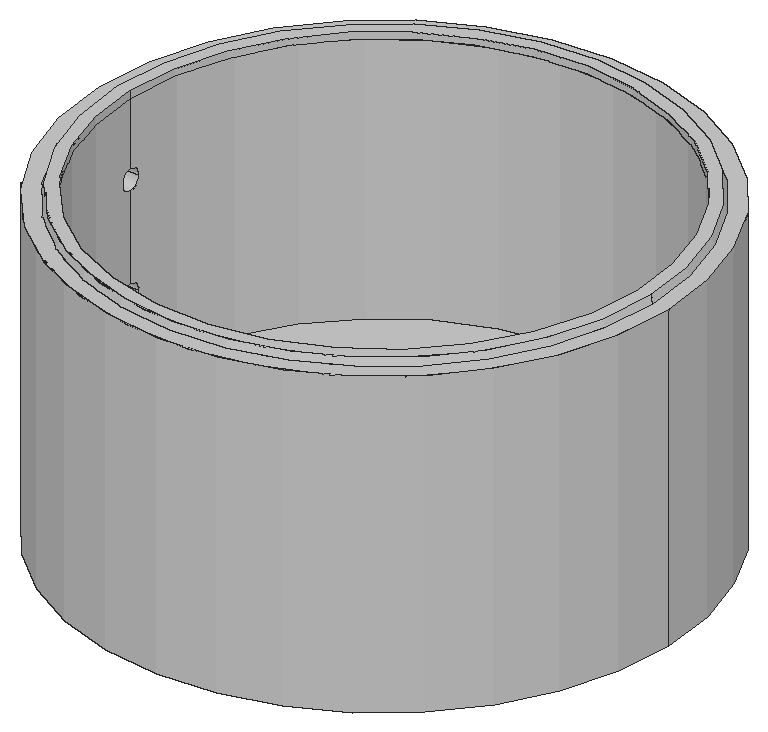
Revit family "KSPF.V 15.9", category Фундамент несущей конструкции, Revit 2025
Family settings
  Материал для поведения модели = Прочее
  Заглушка = Нет
  Номер OmniClass = 23.25.05.00
  Заголовок OmniClass = Foundations
  На основе рабочей плоскости = Нет
  Всегда вертикально = Да
  При загрузке вырезать с полостями = Нет
  Общий = Нет
  Показывать семейство разрезанным на планах = Да
Parameters
  Петля = Петля_П1_П2 : П2
Reference planes
  plane 1 "По центру (Вперед/Назад)": y = -35
  plane 2: z = 0
  plane 3 "По центру (Влево/Вправо)": x = 0
  plane 4: z = 910
  plane 5: z = 890
  plane 6: x = -750
  plane 7: x = -840
  plane 8: x = 750
  plane 9: x = 840
  plane 10: z = 370
  plane 11: x = 830
  plane 12: x = -830
  plane 13: x = -786
  plane 14: through (-793.35, -4572, 890) normal (-0.9386, 0, 0.3449)
  plane 15: x = 786
  plane 16: through (793.35, -4572, 890) normal (-0.9386, 0, -0.3449)
  plane 17: z = 150
  plane 18: x = -650
  plane 19: x = 50
  plane 20: x = -300
  plane 21: z = 675
Forms (mm)
  Extrusion 1, solid, material "Бетон В15"
    sketch origin (0, 0, 0) x (1, 0, 0) y (0, 1, 0)
      loop
        circle (0, -35) r 840
      loop
        circle (0, -35) r 750
    from 0 to 890
  Extrusion 2, void
    sketch origin (0, 0, 0) x (0, 1, 0) y (0, 0, 1)
      loop
        circle (-35, 370) r 30
    from -830 to 830
  Blend 3, solid, material "Бетон В15"
    base sketch origin (0, 0, 0) x (1, 0, 0) y (0, 1, 0)
      loop
        circle (0, -35) r 793.35
    top sketch origin (0, 0, 0) x (1, 0, 0) y (0, 1, 0)
      loop
        circle (0, -35) r 786
    from 890 to 910
  Extrusion 4, void
    sketch origin (0, 0, 0) x (1, 0, 0) y (0, 1, 0)
      loop
        circle (0, -35) r 750
    from 890 to 910
  Extrusion 5, solid, material "Бетон В15"
    sketch origin (0, 0, 0) x (1, 0, 0) y (0, 1, 0)
      loop
        circle (0, -35) r 750
      loop
        circle (-300, -35) r 350
    from 0 to 150
  Extrusion 6, void
    sketch origin (0, 0, 305) x (0, 1, 0) y (0, 0, 1)
      loop
        circle (-35, 370) r 30
    from -830 to 830
Cuts and joins
  Extrusion 2, Extrusion 4, Extrusion 6 cuts Extrusion 1
  Extrusion 4, Extrusion 6 cuts Blend 3
  Extrusion 6 cuts Extrusion 5
  joined: Extrusion 1, Blend 3, Extrusion 5
Dimensions and locks
  plane 4 to level = 910 mm
  plane 10 to level = 370 mm
  plane 21 to plane 10 = 305 mm
  aligned and locked: plane 2 to level
